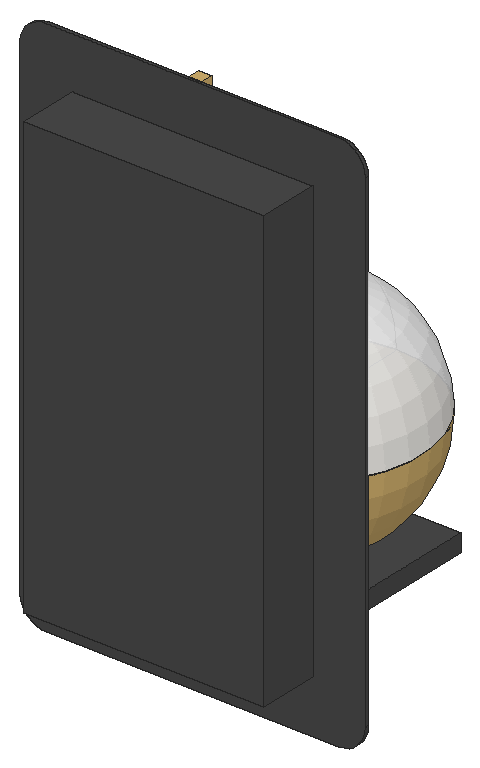
Revit family "3-554-xxxx - Iota Wall Sconce", category Luminarias, Revit 2021
Family settings
  Anfitrión = Muro
  Cota de conector redondo = Diámetro de uso
  Tipo de pieza = Normal
  Número OmniClass = 23.80.70.00
  Título OmniClass = Lighting
  Siempre vertical = Sí
  Corte con vacíos al cargar = No
  Origen de luz = Sí
  Compartido = No
  Punto de cálculo de habitación = No
Parameters (values of type "3-554-1540 / Black - Aged Brass / Matte White Acrylic")
  Elevación por defecto = 0 mm
  Comentarios de vataje = "1 x 5.6 W at 120 V"  # constant formula
  Wattage = 5.6 W
  built-in parameter 1150110 = 1 (stored number, unit not read)
  Voltage Input = "120 V or 277 V - 50/60 Hz"  # constant formula
  Voltage = 120 V
  URL = "www.oxygenlighting.com"
  built-in parameter 1114217 = 1 (stored number, unit not read)
  Tilt Angle = 90.00°
  built-in parameter 1150109 = 1 (stored number, unit not read)
  built-in parameter 1150134 = (empty or 0)
  built-in parameter 1150113 = 1 (stored number, unit not read)
  References = "Ref. 3 = 120 V / Ref. 37 = 277 V"  # constant formula
  Archivo de red fotométrica = "Iota 3-554-xx.ies"
  Modelo = "3-554-xxxx / Iota Wall Sconce"  # constant formula
  Metal finish 2 = 40 - Aged Brass
  Metal Finish = 15 - Black
  Fabricante = "Oxygen Lighting and Fans"  # constant formula
  Lumens = 382.48 lm
  built-in parameter 1150115 = 1 (stored number, unit not read)
  built-in parameter 1150105 = 30.437 (stored number, unit not read)
  built-in parameter 1150137 = (empty or 0)
  built-in parameter 1150139 = (empty or 0)
  built-in parameter 1150112 = 1 (stored number, unit not read)
  built-in parameter 1150114 = 1 (stored number, unit not read)
  Lámpara = "LED Array"  # constant formula
  built-in parameter 1150132 = (empty or 0)
  built-in parameter 1150102 = (empty or 0)
  built-in parameter 1150138 = (empty or 0)
  built-in parameter 1150107 = 3000 (stored number, unit not read)
  built-in parameter 1150106 = 0.30437 (stored number, unit not read)
  built-in parameter 1150104 = 6.3453 (stored number, unit not read)
  Dimming Lamp Color Temperature Shift = (empty or 0)
  Diffusers = Matte White Acrylic
  Color Filter = 16777215
  built-in parameter 1114218 = 1 (stored number, unit not read)
  built-in parameter 1150133 = 10 (stored number, unit not read)
Types (2, lengths in mm): name | Metal finish 2
  3-554-1524 / Black - Satin Nickel / Matte White Acrylic | 24 - Satin Nickel
  3-554-1540 / Black - Aged Brass / Matte White Acrylic | 40 - Aged Brass
Reference planes
  plane 1: y = 0
  plane 2 "Light Source Axis (L/R)": x = 125
  plane 3 "Light Source Axis (F/R)": y = 120
  plane 4 "Light Source Elevation": z = 800
  plane 5: y = 75
Text (mm)
  text "Placement side" at (-1787.139, 1116.779, 0), in view "Ref. Level"
  text "Placement side" at (0, 2110.396, 2986.058), in view "Left"
  text "Placement side" at (0, 628.478, 3011.967), in view "Right"
Dimensions and locks
  locked: plane 3 "Light Source Axis (F/R)" to plane 5 at 45
  aligned and locked: plane 1 to host wall
  aligned and locked: plane 4 "Light Source Elevation" to imposter light
  aligned and locked: plane 5 to host wall
  aligned and locked: plane 2 "Light Source Axis (L/R)" to nested 1
  aligned and locked: nested 1 to plane 5
  aligned and locked: imposter light to plane 3 "Light Source Axis (F/R)"
  aligned and locked: imposter light to plane 2 "Light Source Axis (L/R)"
  aligned and locked: nested 1 to plane 4 "Light Source Elevation"
Nested families
  nested 1: "Family1" at (125, 75, 799.986), type "Family1"
Connectors
  electrical at (124.998, 97.798, 830.079)
    settings: on nested 1, index 1, voltage 0 V, apparent load 0 VA, apparent load phase1 0 VA, apparent load phase2 0 VA, apparent load phase3 0 VA, power factor 1, load classification "Otro", number of poles 1, system type 31, power factor state 1, is connector primary yes, connector utility no, sub classification motor no, connector description ""
Definition of nested family "Family1"
  Parameters (values of type "Family1")
    Metal Finish 2 = none
    Metal Finish 1 = none
    Default Elevation = 0 mm
    Diffusers = none
  Reference planes
    plane 1 "Center (Front/Back)": y = 0
    plane 2: z = 0
    plane 3 "Center (Left/Right)": x = 0
  Forms (mm)
    Extrusion 1, solid, material <- "Metal Finish 1"
      sketch origin (0, 0, 0) x (0, 1, 0) y (0, 0, 1)
        loop
          line (22.798, 112.264) -> (0, 112.264) -> (0, -51.542) -> (22.798, -51.542) -> (22.798, 112.264)
      from -44.61 to 44.61
    Extrusion 2, solid, material <- "Metal Finish 1"
      sketch origin (0, 0, 0) x (1, 0, 0) y (0, 0, 1)
        loop
          line (64.421, -61.599) -> (64.421, 121.773)
          arc (64.421, 121.773) -> (61.53, 128.781) -> (54.529, 131.692) r 9.906
          line (54.529, 131.692) -> (-54.529, 131.692)
          arc (-54.529, 131.692) -> (-61.277, 129.047) -> (-64.421, 122.516) r 9.913
          line (-64.421, 122.516) -> (-64.421, -62.321)
          arc (-64.421, -62.321) -> (-61.282, -68.845) -> (-54.543, -71.491) r 9.906
          line (-54.543, -71.491) -> (54.529, -71.518)
          arc (54.529, -71.518) -> (61.522, -68.591) -> (64.421, -61.599) r 9.899
      from -23.785 to -22.798
    Extrusion 3, solid, material <- "Metal Finish 2"
      sketch origin (0, 0, 0) x (1, 0, 0) y (0, 0, 1)
        loop
          line (-2.466, 131.692) -> (-2.466, -71.518) -> (2.466, -71.518) -> (2.466, 131.692) -> (-2.466, 131.692)
      from -28.744 to -23.785
    Extrusion 4, solid, material <- "Metal Finish 1"
      sketch origin (0, 0, 0) x (1, 0, 0) y (0, 0, 1)
        loop
          line (-32.224, -44.747) -> (-32.224, -51.542) -> (32.361, -51.542) -> (32.361, -44.747) -> (-32.224, -44.747)
      from -107.058 to -28.744
    Revolve 5, solid, material <- "Metal Finish 2"
      sketch origin (0, 0, 0) x (0, 1, 0) y (0, 0, 1)
        loop
          line (73.34, 0.014) -> (28.744, 0.014)
          arc (28.744, 0.014) -> (41.806, -31.521) -> (73.34, -44.582) r 44.596
          line (73.34, -44.582) -> (73.34, 0.014)
        axis (73.34, -44.582) -> (73.34, 0.014)
      angle from 0 to 360
    Revolve 6, solid, material <- "Diffusers"
      sketch origin (0, 0, 0) x (0, 1, 0) y (0, 0, 1)
        loop
          line (73.34, -0.014) -> (73.34, 44.582)
          arc (73.34, 44.582) -> (41.806, 31.521) -> (28.744, -0.014) r 44.596
          line (28.744, -0.014) -> (73.34, -0.014)
        axis (73.34, 44.582) -> (73.34, -0.014)
      angle from 0 to 360
  Dimensions and locks
    aligned and locked: level to plane 2
